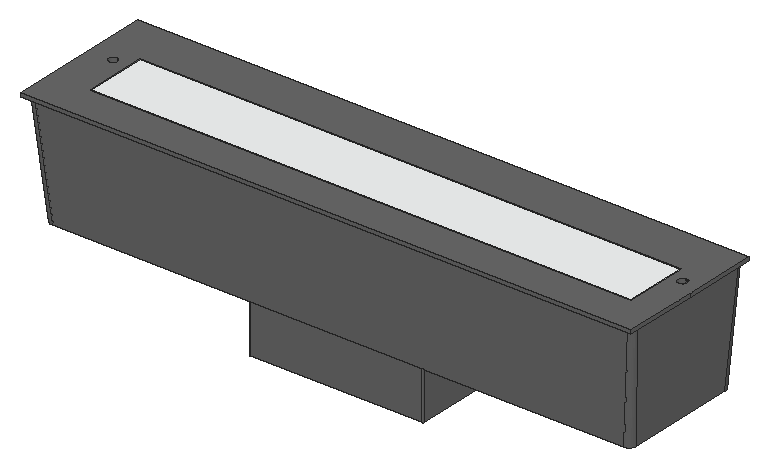
Revit family "24062_HOST_FACE", category Lighting Fixtures, host Face, Revit 2019
Family settings
  Host = Face
  Round Connector Dimension = Use Diameter
  Part Type = Normal
  Cut with Voids When Loaded = Yes
  Light Source = Yes
  Shared = No
  Room Calculation Point = No
Parameters (values of type "Recessed Luminaires - Retangular")
  Wattage = 9.84234 W
  built-in parameter 1150110 = 1 (stored number, unit not read)
  URL = "www.bega-us.com"
  built-in parameter 1114217 = 1 (stored number, unit not read)
  Tilt Angle = 0.00°
  built-in parameter 1150109 = 1 (stored number, unit not read)
  built-in parameter 1150134 = (empty or 0)
  Telephone = "805.684.0533"
  built-in parameter 1150113 = 1 (stored number, unit not read)
  Photometric Web File = "24062.ies"
  Model = "33 508"
  Manufacturer = "BEGA-US"
  built-in parameter 1150105 = 116.34 (stored number, unit not read)
  Lumens = 1462 lm
  built-in parameter 1150115 = 1 (stored number, unit not read)
  built-in parameter 1150137 = (empty or 0)
  built-in parameter 1150139 = (empty or 0)
  built-in parameter 1150112 = 1 (stored number, unit not read)
  built-in parameter 1150114 = 1 (stored number, unit not read)
  Lamp = "20.4W LED"
  built-in parameter 1150132 = 2
  built-in parameter 1150102 = (empty or 0)
  built-in parameter 1150107 = 3000 (stored number, unit not read)
  built-in parameter 1150138 = (empty or 0)
  built-in parameter 1150106 = 1.1634 (stored number, unit not read)
  built-in parameter 1150104 = 13.8 (stored number, unit not read)
  Dimming Lamp Color Temperature Shift = <None>
  Description = "LED ceiling and wall luminaires - impact resistant"
  Default Elevation = 0' - 0"
  Color Filter = 16777215
  built-in parameter 1114218 = 1 (stored number, unit not read)
  built-in parameter 1150133 = 10 (stored number, unit not read)
Types (27): name | Wattage | Tilt Angle | built-in parameter 1150134 | Photometric Web File | Model | built-in parameter 1150105 | Lumens | Lamp | built-in parameter 1150107 | built-in parameter 1150106 | Description | Default Elevation
  (no name) | 9.84234 W | 0.00° | (empty or 0) | "24062.ies" | "33 508" | 116.34 (stored number, unit not read) | 1462 lm | "20.4W LED" | 3000 (stored number, unit not read) | 1.1634 (stored number, unit not read) | "LED ceiling and wall luminaires - impact resistant" | 0' - 0"
  Wall Luminaires - Directed Light | 18.4392 W | 90.00° | (empty or 0) | "generic" | "2260LED" | 217.96 (stored number, unit not read) | 2739 lm | "44.6W LED" | 3000 (stored number, unit not read) | 2.1796 (stored number, unit not read) | "Surface wall with cutoff optics" | 6' - 0"
  Wall Luminaires - Linear | 9.92985 W | 90.00° | 9 | "generic" | "4425P" | 117.38 (stored number, unit not read) | 1475 lm | "(1) 39W CF twin-4-p" | 3450 (stored number, unit not read) | 1.1738 (stored number, unit not read) | "Suface wall - linear with white acrylic diffuser" | 6' - 0"
  Ceiling and Wall Luminaires - Unshielded | 2.66591 W | 0.00° | (empty or 0) | "33508.ies" | "33 508" | 31.513 (stored number, unit not read) | 396 lm | "W LED" | 3000 (stored number, unit not read) | 0.31513 (stored number, unit not read) | "LED ceiling and wall luminaires - impact resistant" | 0' - 0"
  Recessed Luminaires - Round | 2.66591 W | 0.00° | (empty or 0) | "33508.ies" | "33 508" | 31.513 (stored number, unit not read) | 396 lm | "W LED" | 3000 (stored number, unit not read) | 0.31513 (stored number, unit not read) | "LED ceiling and wall luminaires - impact resistant" | 0' - 0"
  Recessed Luminaires - Square | 9.84234 W | 0.00° | (empty or 0) | "88754.IES" | 0' - 0" | 116.34 (stored number, unit not read) | 1462 lm | "20.4W LED" | 3000 (stored number, unit not read) | 1.1634 (stored number, unit not read) | 0' - 0" | 0' - 0"
  Recessed Luminaires - Retangular | 9.84234 W | 0.00° | (empty or 0) | "24062.ies" | "33 508" | 116.34 (stored number, unit not read) | 1462 lm | "20.4W LED" | 3000 (stored number, unit not read) | 1.1634 (stored number, unit not read) | "LED ceiling and wall luminaires - impact resistant" | 0' - 0"
  Recessed Luminaires - Elongated | 2.66591 W | 0.00° | (empty or 0) | "33508.ies" | "33 508" | 31.513 (stored number, unit not read) | 396 lm | "W LED" | 3000 (stored number, unit not read) | 0.31513 (stored number, unit not read) | "LED ceiling and wall luminaires - impact resistant" | 0' - 0"
  Recessed Ceiling Luminaires - Downlights | 2.66591 W | 0.00° | (empty or 0) | "33508.ies" | "33 508" | 31.513 (stored number, unit not read) | 396 lm | "W LED" | 3000 (stored number, unit not read) | 0.31513 (stored number, unit not read) | "LED ceiling and wall luminaires - impact resistant" | 0' - 0"
  Recessed Ceiling Luminaires - Asymmetric | 2.66591 W | 0.00° | (empty or 0) | "33508.ies" | "33 508" | 31.513 (stored number, unit not read) | 396 lm | "W LED" | 3000 (stored number, unit not read) | 0.31513 (stored number, unit not read) | "LED ceiling and wall luminaires - impact resistant" | 0' - 0"
  Pendant and Cable Suspended Luminaires - Shielded | 2.66591 W | 0.00° | (empty or 0) | "33508.ies" | "33 508" | 31.513 (stored number, unit not read) | 396 lm | "W LED" | 3000 (stored number, unit not read) | 0.31513 (stored number, unit not read) | "LED ceiling and wall luminaires - impact resistant" | 0' - 0"
  Pendant and Cable Suspended Luminaires - Directed | 2.66591 W | 0.00° | (empty or 0) | "33508.ies" | "33 508" | 31.513 (stored number, unit not read) | 396 lm | "W LED" | 3000 (stored number, unit not read) | 0.31513 (stored number, unit not read) | "LED ceiling and wall luminaires - impact resistant" | 0' - 0"
  Ceiling Luminaires - Downlights | 2.66591 W | 0.00° | (empty or 0) | "33508.ies" | "33 508" | 31.513 (stored number, unit not read) | 396 lm | "W LED" | 3000 (stored number, unit not read) | 0.31513 (stored number, unit not read) | "LED ceiling and wall luminaires - impact resistant" | 0' - 0"
  Ceiling Luminaires - Asymmetric | 2.66591 W | 0.00° | (empty or 0) | "33508.ies" | "33 508" | 31.513 (stored number, unit not read) | 396 lm | "W LED" | 3000 (stored number, unit not read) | 0.31513 (stored number, unit not read) | "LED ceiling and wall luminaires - impact resistant" | 0' - 0"
  Ceiling and Wall Luminaires - Stainless Steel | 2.66591 W | 0.00° | (empty or 0) | "33508.ies" | "33 508" | 31.513 (stored number, unit not read) | 396 lm | "W LED" | 3000 (stored number, unit not read) | 0.31513 (stored number, unit not read) | "LED ceiling and wall luminaires - impact resistant" | 0' - 0"
  Wall Luminaires - Stainless Steel | 2.66591 W | 0.00° | (empty or 0) | "33508.ies" | "33 508" | 31.513 (stored number, unit not read) | 396 lm | "W LED" | 3000 (stored number, unit not read) | 0.31513 (stored number, unit not read) | "LED ceiling and wall luminaires - impact resistant" | 0' - 0"
  Wall Luminaires - Unshielded Light | 2.66591 W | 0.00° | (empty or 0) | "33508.ies" | "33 508" | 31.513 (stored number, unit not read) | 396 lm | "W LED" | 3000 (stored number, unit not read) | 0.31513 (stored number, unit not read) | "LED ceiling and wall luminaires - impact resistant" | 0' - 0"
  Wall Luminaires - Shielded Light | 2.66591 W | 0.00° | (empty or 0) | "33508.ies" | "33 508" | 31.513 (stored number, unit not read) | 396 lm | "W LED" | 3000 (stored number, unit not read) | 0.31513 (stored number, unit not read) | "LED ceiling and wall luminaires - impact resistant" | 0' - 0"
  On-Ground Luminaires | 2.66591 W | 0.00° | (empty or 0) | "33508.ies" | "33 508" | 31.513 (stored number, unit not read) | 396 lm | "W LED" | 3000 (stored number, unit not read) | 0.31513 (stored number, unit not read) | "LED ceiling and wall luminaires - impact resistant" | 0' - 0"
  Light Design Elements | 2.66591 W | 0.00° | (empty or 0) | "33508.ies" | "33 508" | 31.513 (stored number, unit not read) | 396 lm | "W LED" | 3000 (stored number, unit not read) | 0.31513 (stored number, unit not read) | "LED ceiling and wall luminaires - impact resistant" | 0' - 0"
  LED System Bollard | 2.66591 W | 0.00° | (empty or 0) | "33508.ies" | "33 508" | 31.513 (stored number, unit not read) | 396 lm | "W LED" | 3000 (stored number, unit not read) | 0.31513 (stored number, unit not read) | "LED ceiling and wall luminaires - impact resistant" | 0' - 0"
  Bollards | 2.66591 W | 0.00° | (empty or 0) | "33508.ies" | "33 508" | 31.513 (stored number, unit not read) | 396 lm | "W LED" | 3000 (stored number, unit not read) | 0.31513 (stored number, unit not read) | "LED ceiling and wall luminaires - impact resistant" | 0' - 0"
  Bollards - Stainless Steel | 2.66591 W | 0.00° | (empty or 0) | "33508.ies" | "33 508" | 31.513 (stored number, unit not read) | 396 lm | "W LED" | 3000 (stored number, unit not read) | 0.31513 (stored number, unit not read) | "LED ceiling and wall luminaires - impact resistant" | 0' - 0"
  Light Building Elements | 2.66591 W | 0.00° | (empty or 0) | "33508.ies" | "33 508" | 31.513 (stored number, unit not read) | 396 lm | "W LED" | 3000 (stored number, unit not read) | 0.31513 (stored number, unit not read) | "LED ceiling and wall luminaires - impact resistant" | 0' - 0"
  Pole-top Luminaires - with asymmetrical light distribution | 2.66591 W | 0.00° | (empty or 0) | "33508.ies" | "33 508" | 31.513 (stored number, unit not read) | 396 lm | "W LED" | 3000 (stored number, unit not read) | 0.31513 (stored number, unit not read) | "LED ceiling and wall luminaires - impact resistant" | 0' - 0"
  Pole-top Luminaires - with symmetrical light distribution | 2.66591 W | 0.00° | (empty or 0) | "33508.ies" | "33 508" | 31.513 (stored number, unit not read) | 396 lm | "W LED" | 3000 (stored number, unit not read) | 0.31513 (stored number, unit not read) | "LED ceiling and wall luminaires - impact resistant" | 0' - 0"
  Pole-top Luminaires - with indirect light | 2.66591 W | 0.00° | (empty or 0) | "88754.IES" | "33 508" | 31.513 (stored number, unit not read) | 396 lm | "W LED" | 3000 (stored number, unit not read) | 0.31513 (stored number, unit not read) | "LED ceiling and wall luminaires - impact resistant" | 0' - 0"
Reference planes (in)
  plane 1 "Center (Front/Back)": y = 0
  plane 2: z = 0
  plane 3 "Center (Left/Right)": x = 0
Dimensions and locks (in)
  aligned and locked: plane 2 to host face
  aligned and locked: level to host face
Nested families (in)
  nested 1: "24062" at (0.06181, -0.06154, 0) x (0.0045, -1, 0) z (0, 0, 1), type "24062"
Connectors (in)
  electrical at (0, 0, 0)
    settings: on host face, index 1, voltage 0 V, apparent load 0 VA, apparent load phase1 0 VA, apparent load phase2 0 VA, apparent load phase3 0 VA, power factor 1, load classification "Other", number of poles 1, system type 31, power factor state 1, is connector primary yes, connector utility no, sub classification motor no, connector description ""
Definition of nested family "24062"
  Reference planes (in)
    plane 1 "Center (Front/Back)": y = 0
    plane 2: z = 0
    plane 3 "Center (Left/Right)": x = 0
  Forms (in)
    Extrusion 1, solid
      sketch origin (0, 0, 0) x (1, 0, 0) y (0, 1, 0)
        loop
          line (0, -2.9375) -> (2.06416, -2.9375)
          arc (2.06416, -2.9375) -> (2.10718, -2.91968) -> (2.125, -2.87666) r 0.06084
          line (2.125, -2.87666) -> (2.125, 2.89103)
          arc (2.125, 2.89103) -> (2.11139, 2.92389) -> (2.07853, 2.9375) r 0.04647
          line (2.07853, 2.9375) -> (-2.06412, 2.9375)
          arc (-2.06412, 2.9375) -> (-2.10717, 2.91967) -> (-2.125, 2.87662) r 0.06088
          line (-2.125, 2.87662) -> (-2.125, -2.83859)
          arc (-2.125, -2.83859) -> (-2.09603, -2.90853) -> (-2.02609, -2.9375) r 0.09891
          line (-2.02609, -2.9375) -> (0, -2.9375)
        loop
          line (-2.04863, 2.8495) -> (-2.04863, -2.85673) -> (2.04062, -2.85673) -> (2.04062, 2.8495) -> (-2.04863, 2.8495)
      from -5.375 to -3.75
    Blend 2, solid
      base sketch origin (0, 0, 0) x (1, 0, 0) y (0, 1, 0)
        loop
          line (2.125, -9.5223) -> (2.125, 9.65844)
          arc (2.125, 9.65844) -> (2.05178, 9.83521) -> (1.875, 9.90844) r 0.25
          line (1.875, 9.90844) -> (-1.875, 9.90844)
          arc (-1.875, 9.90844) -> (-2.05178, 9.83521) -> (-2.125, 9.65844) r 0.25
          line (-2.125, 9.65844) -> (-2.125, -9.5223)
          arc (-2.125, -9.5223) -> (-2.05178, -9.69907) -> (-1.875, -9.7723) r 0.25
          line (-1.875, -9.7723) -> (1.875, -9.7723)
          arc (1.875, -9.7723) -> (2.05178, -9.69907) -> (2.125, -9.5223) r 0.25
      top sketch origin (0, 0, 0) x (1, 0, 0) y (0, 1, 0)
        loop
          line (2.28744, -10.00145) -> (2.28744, 9.93475)
          arc (2.28744, 9.93475) -> (2.23214, 10.06825) -> (2.09864, 10.12355) r 0.1888
          line (2.09864, 10.12355) -> (-2.16492, 10.12355)
          arc (-2.16492, 10.12355) -> (-2.287, 10.07299) -> (-2.33756, 9.95091) r 0.17264
          line (-2.33756, 9.95091) -> (-2.33756, -10.06022)
          arc (-2.33756, -10.06022) -> (-2.28155, -10.19544) -> (-2.14634, -10.25145) r 0.19123
          line (-2.14634, -10.25145) -> (2.03744, -10.25145)
          arc (2.03744, -10.25145) -> (2.21422, -10.17822) -> (2.28744, -10.00145) r 0.25
      from -3.75 to 0
    Blend 3, void
      base sketch origin (0, 0, 0) x (0, 1, 0) y (-1, 0, 0)
        loop
          line (9.68819, 2.08102) -> (-9.56939, 2.08102) -> (-9.56939, -2.07153) -> (9.68819, -2.07153) -> (9.68819, 2.08102)
      top sketch origin (0, 0, 0) x (0, 1, 0) y (-1, 0, 0)
        loop
          line (9.90844, 2.22407) -> (-9.96905, 2.22407) -> (-9.96905, -2.22162) -> (9.90844, -2.22162) -> (9.90844, 2.22407)
      from -3.602 to 0
    Extrusion 4, solid
      sketch origin (0, 0, 0) x (1, 0, 0) y (0, 1, 0)
        loop
          line (0, 10.18819) -> (-2.5, 10.18819) -> (-2.5, -10.31181) -> (2.5, -10.31181) -> (2.5, 10.18819) -> (0, 10.18819)
        loop
          line (1.22559, 9.18819) -> (-0.8865, 9.18819) -> (-0.8865, -8.96905) -> (1.22559, -8.96905) -> (1.22559, 9.18819)
        loop
          circle (-0.39344, 9.65311) r 0.15244
        loop
          circle (-0.39038, -9.48384) r 0.15244
      from 0 to 0.125
    Extrusion 5, solid
      sketch origin (-0.01633, 0, 0) x (1, 0, 0) y (0, 1, 0)
        loop
          line (-0.87017, 9.18819) -> (-0.87017, -8.96905) -> (1.24192, -8.96905) -> (1.24192, 9.18819) -> (-0.87017, 9.18819)
      from 0 to 0.125
    Extrusion 6, void
      sketch origin (0.01428, 0, -5.3624) x (1, 0, 0) y (0, 0, 1)
        loop
          circle (-0.00175, 0.78565) r 0.375
      from 2.85673 to 2.9375
    Extrusion 7, void
      sketch origin (0, 0, -5.41919) x (0, 1, 0) y (0, 0, 1)
        loop
          circle (-1.36675, 0.84806) r 0.375
        loop
          circle (1.53449, 0.85721) r 0.375
      from 2.04062 to 2.125
    Extrusion 8, void
      sketch origin (0.01895, 0, -5.36861) x (1, 0, 0) y (0, 0, 1)
        loop
          circle (-0.00175, 0.78565) r 0.375
      from -2.9375 to -2.8495
    Extrusion 9, void
      sketch origin (0, -0.01204, -5.4107) x (0, 1, 0) y (0, 0, 1)
        loop
          circle (-1.36675, 0.84806) r 0.375
        loop
          circle (1.53449, 0.85721) r 0.375
      from -2.125 to -2.04863
    Extrusion 10, solid
      sketch origin (0, 0, 0) x (1, 0, 0) y (0, 1, 0)
        loop
          line (-2.04863, -2.85673) -> (2.04062, -2.85673) -> (2.04062, 2.8495) -> (-2.04863, 2.8495) -> (-2.04863, -2.85673)
      from -5.375 to -5.25
  Cuts and joins
    Blend 3, Extrusion 8, Extrusion 9 cuts Extrusion 1
    Extrusion 8, Extrusion 9 cuts Blend 2
    Extrusion 8, Extrusion 9 cuts Extrusion 4
    joined: Extrusion 1, Blend 2, Extrusion 4
  Dimensions and locks (in)
    aligned and locked: plane 2 to level
